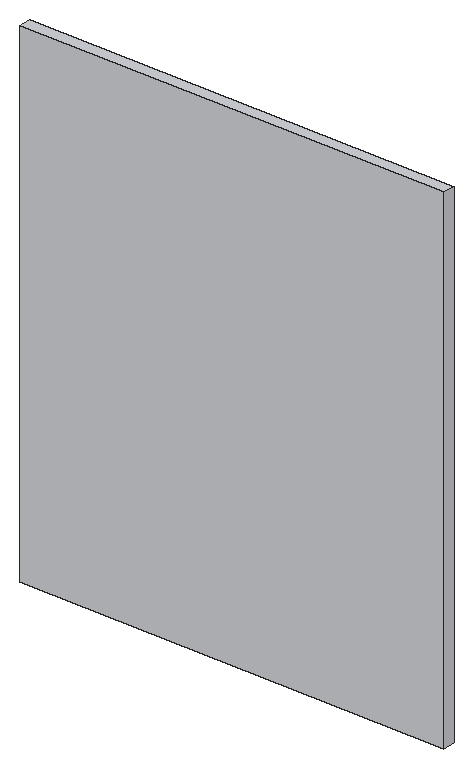
Revit family "Front - Plain", category Casework, Revit 2020
Family settings
  Work Plane-Based = No
  Always vertical = Yes
  Cut with Voids When Loaded = No
  Shared = No
  Room Calculation Point = No
Parameters (values of type "Front - Plain")
  Width = 600 mm
  Swing = yes
  Height = 704 mm
  Front Finish = none
  Depth = 16 mm
  Default Elevation = 0 mm
  Creator Organization [instance] = "© Danish Educational Content"  # constant formula
  Creator Name [instance] = "© Erik Falck Jørgensen"  # constant formula
  Creator Build [instance] = "2018.0420.0"  # constant formula
  Assembly Code = ""
Reference planes
  plane 1 "Front": y = 0
  plane 2: z = 0
  plane 3 "Center (Left/Right)": x = 0
  plane 4: x = -300
  plane 5: x = 300
  plane 6: z = 704
Forms (mm)
  Extrusion 1, solid, material <- "Front Finish"
    sketch origin (0, 0, 0) x (1, 0, 0) y (0, 0, 1)
      loop
        line (-297, 701) -> (-297, 3) -> (297, 3) -> (297, 701) -> (-297, 701)
    from 0 to 16 <- "Depth"
Lines and regions (mm)
  reference lines
    curve 1: line (-300, 0, 0) -> (392.82, -400, 0)
  symbolic lines, style "Elevation Swing", visible <- "Swing"
    curve 2: line (-300, 0, 0) -> (219.615, -300, 0)
    curve 3: arc (300, 0, 0) -> (279.555, -155.291, 0) -> (219.615, -300, 0) r 600
Dimensions and locks
  equal spacing: plane 4, plane 3 "Center (Left/Right)", plane 5
  "Width": plane 4 to plane 5
  "Height": plane 6 to plane 2
  locked: Extrusion 1 sketch curve to plane 2 at 3
  locked: plane 6 to Extrusion 1 sketch curve at 3
  locked: Extrusion 1 sketch curve to plane 4 at 3
  locked: plane 5 to Extrusion 1 sketch curve at 3
  locked: curve 1 to plane 1 "Front" (angle 30.00°)
  aligned and locked: level to plane 2
  aligned and locked: curve 2 to curve 1
Automatic sketch dimensions
  plane 1 "Front" to curve 1 = 0 mm
  curve 1 to plane 4 = 0 mm
  plane 1 "Front" to curve 3 = 0 mm
  curve 3 to plane 4 = 0 mm
  plane 1 "Front" to curve 2 = 0 mm
  curve 3 to plane 5 = 0 mm
